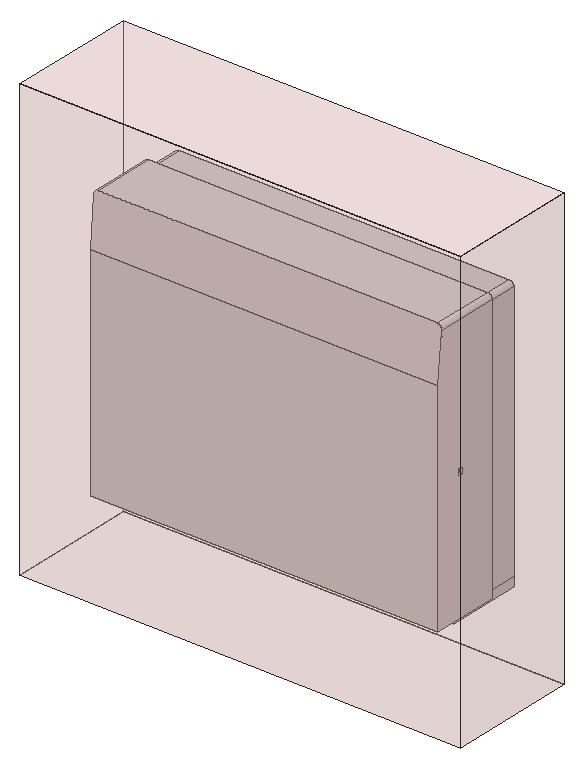
Revit family "MFZ-KT60VG-E1(ET1)", category Mechanical Equipment, Revit 2016
Family settings
  Part Type = Normal
  Round Connector Dimension = Use Radius
  OmniClass Number = 23.75.00.00
  OmniClass Title = Climate Control (HVAC)
  Work Plane-Based = No
  Always vertical = Yes
  Cut with Voids When Loaded = No
  Shared = No
  Room Calculation Point = No
Parameters (values of type "MFZ-KT60VG-E1 (ET1)")
  Width (mm) = 750.000 mm
  Model = "MFZ-KT60VG"
  Voltage = 230 V
  Unit Weight (kg) = 15
  URL = "http://www.mitsubishielectric.com/"
  Subcategory = "HVAC"
  Space View = yes
  Remote Controller Model = "SG191"
  Phase = 1
  Manufacturer = "Mitsubishi Electric Corporation"
  Liquid pipe_radius (mm) = 3.175 mm
  Hertz = 50 Hz
  Height (mm) = 600.000 mm
  Heating Sound Level 2_Super Hgh (db(A)) = 51
  Heating Sound Level 2_Silent (dB(A)) = 29
  Heating Sound Level 2_Med. (db(A)) = 41
  Heating Sound Level 2_Low (db(A)) = 35
  Heating Sound Level 2_Hgh (db(A)) = 47
  Heating Sound Level 1_Super Hgh (db(A)) = 51
  Heating Sound Level 1_Silent (dB(A)) = 29
  Heating Sound Level 1_Med. (db(A)) = 41
  Heating Sound Level 1_Low (db(A)) = 35
  Heating Sound Level 1_Hgh (db(A)) = 47
  Heating Running Current (A) = 0.49
  Heating Power Input (W) = 59 W
  Heating Fan Speed 2_Super High (rpm) = 1300
  Heating Fan Speed 2_Silent (rpm) = 610
  Heating Fan Speed 2_Med. (rpm) = 910
  Heating Fan Speed 2_Low (rpm) = 750
  Heating Fan Speed 2_High (rpm) = 1130
  Heating Fan Speed 1_Super High (rpm) = 1300
  Heating Fan Speed 1_Silent (rpm) = 610
  Heating Fan Speed 1_Med. (rpm) = 910
  Heating Fan Speed 1_Low (rpm) = 750
  Heating Fan Speed 1_High (rpm) = 1130
  Heating Fan Motor Current (A) = 0.46
  Heating Air Flow 2_Super High (m3/h) = 876
  Heating Air Flow 2_Silent (m3/h) = 360
  Heating Air Flow 2_Med. (m3/h) = 582
  Heating Air Flow 2_Low (m3/h) = 462
  Heating Air Flow 2_High (m3/h) = 750
  Heating Air Flow 1_Super High (m3/h) = 876
  Heating Air Flow 1_Silent (m3/h) = 360
  Heating Air Flow 1_Med. (m3/h) = 582
  Heating Air Flow 1_Low (m3/h) = 462
  Heating Air Flow 1_High (m3/h) = 750
  Gas pipe_radius (mm) = 7.940 mm
  Fan Speed Regulator = "5"
  Fan Motor Model = "RC0J40-P#"
  Drain pipe_radius (mm) = 8.000 mm
  Depth (mm) = 215.000 mm
  Cooling Sound Level 2_Super High (db(A)) = 53
  Cooling Sound Level 2_Silent (db(A)) = 28
  Cooling Sound Level 2_Med. (db(A)) = 40
  Cooling Sound Level 2_Low (db(A)) = 36
  Cooling Sound Level 2_High (db(A)) = 46
  Cooling Sound Level 1_Super High (db(A)) = 53
  Cooling Sound Level 1_Silent (db(A)) = 28
  Cooling Sound Level 1_Med. (db(A)) = 40
  Cooling Sound Level 1_Low (db(A)) = 36
  Cooling Sound Level 1_High (db(A)) = 46
  Cooling Running Current (A) = 0.55
  Cooling Power Input (W) = 63 W
  Cooling Fan Speed 2_Super High (rpm) = 1330
  Cooling Fan Speed 2_Silent (rpm) = 580
  Cooling Fan Speed 2_Med. (rpm) = 900
  Cooling Fan Speed 2_Low (rpm) = 770
  Cooling Fan Speed 2_High (rpm) = 1120
  Cooling Fan Speed 1_Super High (rpm) = 1330
  Cooling Fan Speed 1_Silent (rpm) = 580
  Cooling Fan Speed 1_Med. (rpm) = 900
  Cooling Fan Speed 1_Low (rpm) = 770
  Cooling Fan Speed 1_High (rpm) = 1120
  Cooling Fan Motor Current (A) = 0.52
  Cooling Air Flow 2_Super High (m3/h) = 900
  Cooling Air Flow 2_Silent (m3/h) = 336
  Cooling Air Flow 2_Med. (m3/h) = 576
  Cooling Air Flow 2_Low (m3/h) = 480
  Cooling Air Flow 2_High (m3/h) = 738
  Cooling Air Flow 1_Super High (m3/h) = 900
  Cooling Air Flow 1_Silent (m3/h) = 336
  Cooling Air Flow 1_Med. (m3/h) = 576
  Cooling Air Flow 1_Low (m3/h) = 480
  Cooling Air Flow 1_High (m3/h) = 738
  Air Direction = "4"
Reference planes
  plane 1 "Center (Front/Back)": y = 0
  plane 2 "Outline_Base": z = 0
  plane 3 "Center (Left/Right)": x = 0
  plane 4 "Outline_TOP": z = 600
  plane 5: z = 11
  plane 6 "Outline_Back": y = 107.5
  plane 7 "Outline_Front": y = -107.5
  plane 8 "_": y = 37.5
  plane 9 "Outline_L": x = -375
  plane 10 "Outline_R": x = 375
  plane 11: y = -52.5
  plane 12: x = -328
  plane 13: x = 328
  plane 14 "Liquid_pipe": z = 165
  plane 15 "Gas_pipe": z = 110
  plane 16 "Gas_pipe_2": y = 25.5
  plane 17 "Under": z = -150
  plane 18 "Outline_R2": x = 365
  plane 19 "Outline_L2": x = -365
  plane 20: z = 303
  plane 21: z = 288
  plane 22: y = -40.5
  plane 23: y = -55.5
  plane 24 "Liquid_pipe_2": y = -45.5
  plane 25: z = 20
  plane 26: z = 590
  plane 27: y = 3.5
  plane 28: x = 290
  plane 29 "Drain": z = 127
  plane 30: z = 30
  plane 31: z = 90
  plane 32: y = 47.5
  plane 33 "Gas_center": through (4267.2, 25.5, 110) normal (0, -0.7071, -0.7071)
Forms (mm)
  Extrusion 1, solid, material "Paint_6.4Y 8.9/0.4"
    sketch origin (0, 0, 0) x (1, 0, 0) y (0, 0, 1)
      loop
        arc (-365, 600) -> (-372.071, 597.071) -> (-375, 590) r 10
        line (-375, 590) -> (-375, 11) -> (375, 11) -> (375, 590)
        arc (375, 590) -> (372.071, 597.071) -> (365, 600) r 10
        line (365, 600) -> (-365, 600)
    from -37.5 to 107.5
  Extrusion 2, solid, material "Paint_6.4Y 8.9/0.4"
    sketch origin (0, 0, 0) x (1, 0, 0) y (0, 0, 1)
      loop
        arc (-355, 589.969) -> (-362.071, 587.04) -> (-365, 579.969) r 10
        line (-365, 579.969) -> (-365, 20) -> (365, 20) -> (365, 579.969)
        arc (365, 579.969) -> (362.071, 587.04) -> (355, 589.969) r 10
        line (355, 589.969) -> (-355, 589.969)
    from -107.5 to -37.5
  Extrusion 3, void
    sketch origin (0, 0, 0) x (0, 1, 0) y (0, 0, 1)
      loop
        line (-97.546, 600) -> (-107.5, 600) -> (-107.5, 486.221) -> (-97.546, 600)
    from -590.472 to 630.587
  Extrusion 4, solid, material "Copper"
    sketch origin (0, 119.899, 48.835) x (1, 0, 0) y (0, 0.707107, 0.707107)
      loop
        circle (340, -23.5) r 7.94
    from 110 to 200
  Extrusion 5, solid, material "Copper"
    sketch origin (-30, 0, 0) x (1, 0, 0) y (0, 1, 0)
      loop
        circle (360, -45.5) r 3.2
    from 165 to 260
  Extrusion 6, solid, material "Service space", visible <- "Space View"
    sketch origin (-20, 0, 0) x (1, 0, 0) y (0, 1, 0)
      loop
        line (-455, 107.5) -> (-455, -171.923) -> (495, -171.923) -> (495, 107.5) -> (-455, 107.5)
    from -150 to 800
  Extrusion 7, void
    sketch origin (375, 0, 0) x (0, 1, 0) y (0, 0, 1)
      loop
        line (-55.5, 303) -> (-55.5, 288) -> (-40.5, 288) -> (-40.5, 303) -> (-55.5, 303)
    from -10 to 0
  Extrusion 8, solid, material "Paint_6.4Y 8.9/0.4"
    sketch origin (0, 0, 0) x (0, 1, 0) y (0, 0, 1)
      loop
        line (-52.5, 0) -> (107.5, 0) -> (107.5, 20) -> (37.5, 20) -> (37.5, 11) -> (-52.5, 11) -> (-52.5, 0)
    from -365 to 365
  Extrusion 9, solid
    sketch origin (0, 0, 127) x (0, -1, 0) y (1, 0, 0)
      loop
        circle (-3.5, 290) r 8
    from 0 to 120
Cuts and joins
  Extrusion 3, Extrusion 7 cuts Extrusion 1
  Extrusion 7 cuts Extrusion 6
Lines and regions (mm)
  model lines
    curve 1: line (-318, -97.546, 600) -> (-318, -105.757, 506.145)
    curve 2: line (318, -97.546, 600) -> (318, -105.757, 506.145)
    curve 3: line (-318, -105.757, 506.145) -> (318, -105.757, 506.145)
    curve 4: line (-328, -83.012, 600) -> (-328, 11.988, 600)
    curve 5: line (-328, 11.988, 600) -> (328, 11.988, 600)
    curve 6: line (328, 11.988, 600) -> (328, -83.012, 600)
    curve 7: line (-375, -107.5, 486.221) -> (375, -107.5, 486.221)
    curve 8: line (-328, -107.5, 188.545) -> (328, -107.5, 188.545)
    curve 9: line (-328, -107.5, 28.5) -> (-328, -107.5, 188.545)
    curve 10: line (328, -107.5, 28.5) -> (-328, -107.5, 28.5)
    curve 11: line (328, -107.5, 188.545) -> (328, -107.5, 28.5)
    curve 12: line (-328, -107.5, 168.545) -> (328, -107.5, 168.545)
    curve 13: line (-328, -107.5, 158.545) -> (328, -107.5, 158.545)
    curve 14: line (-328, -107.5, 178.545) -> (328, -107.5, 178.545)
    curve 15: line (-328, -107.5, 148.545) -> (328, -107.5, 148.545)
    curve 16: line (-328, -107.5, 138.545) -> (328, -107.5, 138.545)
    curve 17: line (-328, -107.5, 128.545) -> (328, -107.5, 128.545)
    curve 18: line (-328, -107.5, 118.545) -> (328, -107.5, 118.545)
    curve 19: line (-328, -107.5, 108.545) -> (328, -107.5, 108.545)
    curve 20: line (-328, -107.5, 98.545) -> (328, -107.5, 98.545)
    curve 21: line (-328, -107.5, 88.545) -> (328, -107.5, 88.545)
    curve 22: line (-328, -107.5, 78.545) -> (328, -107.5, 78.545)
    curve 23: line (-328, -107.5, 68.545) -> (328, -107.5, 68.545)
    curve 24: line (-328, -107.5, 58.545) -> (328, -107.5, 58.545)
    curve 25: line (-328, -107.5, 48.545) -> (328, -107.5, 48.545)
    curve 26: line (-328, -107.5, 38.545) -> (328, -107.5, 38.545)
    curve 27: line (-328, -107.5, 439.565) -> (328, -107.5, 439.565)
    curve 28: line (-328, -107.5, 429.565) -> (-328, -107.5, 439.565)
    curve 29: line (328, -107.5, 429.565) -> (-328, -107.5, 429.565)
    curve 30: line (328, -107.5, 439.565) -> (328, -107.5, 429.565)
    curve 33: line (365, 95.5, 0) -> (365, 95.5, 125)
    curve 34: line (365, 95.5, 125) -> (365, 107.5, 125)
    curve 35: line (365, 95.5, 90) -> (365, 67.5, 90)
    curve 36: line (365, 47.5, 70) -> (365, 47.5, 50)
    curve 37: line (365, 67.5, 30) -> (365, 95.5, 30)
    curve 38: arc (365, 67.5, 90) -> (365, 53.358, 84.142) -> (365, 47.5, 70) r 20
    curve 39: arc (365, 67.5, 30) -> (365, 53.358, 35.858) -> (365, 47.5, 50) r 20
    curve 40: line (-365, 95.5, 0) -> (-365, 95.5, 125)
    curve 41: line (-365, 95.5, 125) -> (-365, 107.5, 125)
    curve 42: line (-365, 95.5, 90) -> (-365, 67.5, 90)
    curve 43: line (-365, 47.5, 70) -> (-365, 47.5, 50)
    curve 44: line (-365, 67.5, 30) -> (-365, 95.5, 30)
    curve 45: arc (-365, 67.5, 90) -> (-365, 53.358, 84.142) -> (-365, 47.5, 70) r 20
    curve 46: arc (-365, 47.5, 50) -> (-365, 53.358, 35.858) -> (-365, 67.5, 30) r 20
    curve 47: line (218, 107.5, 589.969) -> (218, 107.5, 520)
    curve 48: line (218, 107.5, 520) -> (-245, 107.5, 520)
    curve 49: line (-245, 107.5, 520) -> (-245, 107.5, 589.969)
  reference lines
    curve 31: line (340, -18.74, 0) -> (340, -28.26, 0)
    curve 32: line (330, -48.675, 0) -> (330, -42.325, 0)
Dimensions and locks
  plane 13 to plane 12 = 656.000 mm
  plane 10 "Outline_R" to plane 13 = 47.000 mm
  plane 12 to plane 9 "Outline_L" = 47.000 mm
  plane 10 "Outline_R" to plane 9 "Outline_L" = 750.000 mm
  plane 4 "Outline_TOP" to level = 600.000 mm
  plane 7 "Outline_Front" to plane 6 "Outline_Back" = 215.000 mm
  plane 8 "_" to plane 6 "Outline_Back" = 70.000 mm
  level to plane 17 "Under" = 150.000 mm
  plane 9 "Outline_L" to Extrusion 6 = 100.000 mm
  Extrusion 6 to plane 10 "Outline_R" = 100.000 mm
  plane 19 "Outline_L2" to plane 18 "Outline_R2" = 730.000 mm
  plane 14 "Liquid_pipe" to level = 165.000 mm
  plane 15 "Gas_pipe" to level = 110.000 mm
  plane 20 to level = 303.000 mm
  plane 20 to cut or joined group of Extrusion 6, Extrusion 7 = 15.000 mm
  plane 16 "Gas_pipe_2" to plane 6 "Outline_Back" = 82.000 mm
  plane 24 "Liquid_pipe_2" to plane 6 "Outline_Back" = 153.000 mm
  plane 22 to plane 6 "Outline_Back" = 148.000 mm
  plane 23 to plane 22 = 15.000 mm
  plane 26 to plane 25 = 570.000 mm
  locked: plane 27 to plane 6 "Outline_Back" at 104
  plane 29 "Drain" to level = 127.000 mm
  plane 28 to plane 10 "Outline_R" = 85.000 mm
  plane 30 to level = 30.000 mm
  plane 31 to plane 30 = 60.000 mm
  curve 34 to plane 2 "Outline_Base" = 125.000 mm
  curve 33 to plane 6 "Outline_Back" = 12.000 mm
  plane 32 to plane 6 "Outline_Back" = 60.000 mm
  curve 31 to plane 10 "Outline_R" = 35.000 mm
  curve 32 to plane 10 "Outline_R" = 45.000 mm
  radius of Extrusion 4 sketch curve = 7.940 mm
  radius of Extrusion 5 sketch curve = 3.200 mm
  aligned and locked: level to plane 2 "Outline_Base"
Connectors
  electrical at (0, 0, 252.545), driven by "Phase", driven by "Voltage"
    settings: index 1, voltage 230 V, apparent load 0 VA, apparent load phase1 0 VA, apparent load phase2 0 VA, apparent load phase3 0 VA, power factor 1, load classification "HVAC", number of poles 1, system type 30, power factor state 1, is connector primary yes, connector utility no, sub classification motor no, connector description ""
  piping at (340, 25.5, 110), diameter 15.88, driven by "Gas pipe_radius (mm)"
    settings: on Extrusion 4, index 3, connector inside diameter 9.6 mm, connector length 0.000 mm, flow factor 0, pipe flow 0.0 L/s, pressure drop 0.0 Pa, fitting loss kfactor 0, connector angle 0.00°, fixture units 0, engagement length 0.000 mm, angle of deflection 0.00°, flow configuration 0, flow direction 0, fitting loss method 0, system type 22, joint type 0, gender type 0, connector reference index -1, connector utility 0, adjustable connector no, is connector primary yes, connector description "Gas pipe"
  piping at (330, -45.5, 165), diameter 6.35, driven by "Liquid pipe_radius (mm)"
    settings: on Extrusion 5, index 4, connector inside diameter 6.4 mm, connector length 0.000 mm, flow factor 0, pipe flow 0.0 L/s, pressure drop 0.0 Pa, fitting loss kfactor 0, connector angle 0.00°, fixture units 0, engagement length 0.000 mm, angle of deflection 0.00°, flow configuration 0, flow direction 0, fitting loss method 0, system type 22, joint type 0, gender type 0, connector reference index -1, connector utility 0, adjustable connector no, is connector primary no, connector description "Liquid pipe"
  piping at (290, 3.5, 127), diameter 16, driven by "Drain pipe_radius (mm)"
    settings: on Extrusion 9, index 5, connector inside diameter 609.6 mm, connector length 0.000 mm, flow factor 0, pipe flow 0.0 L/s, pressure drop 0.0 Pa, fitting loss kfactor 0, connector angle 0.00°, fixture units 0, engagement length 0.000 mm, angle of deflection 0.00°, flow configuration 0, flow direction 0, fitting loss method 0, system type 22, joint type 0, gender type 0, connector reference index -1, connector utility 0, adjustable connector no, is connector primary no, connector description "Drain"
